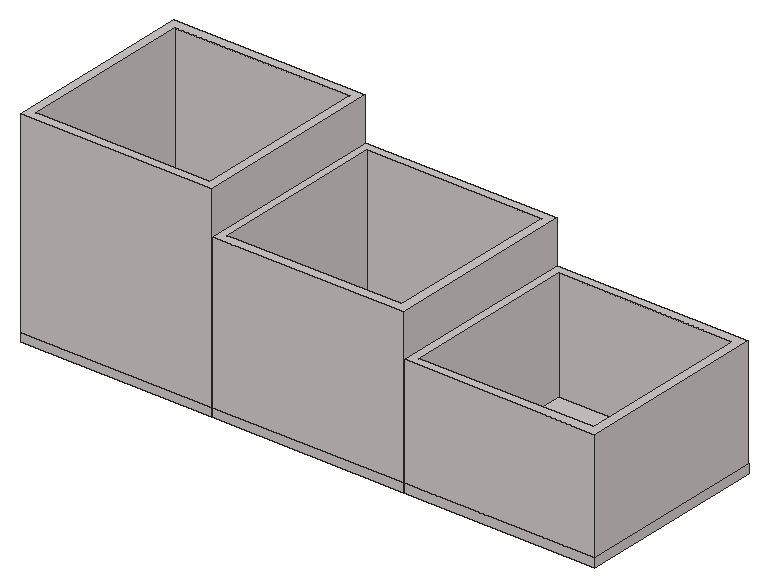
Revit family
Parameters (values of type "1350 x 450 mm")
  Width = 450 mm
  Material = Concrete - Precast
  Length-C = 450 mm
  Length-B = 450 mm
  Length-A = 450 mm
  Height-C = 300 mm
  Height-B = 400 mm
  Height-A = 500 mm
Reference planes
  plane 1 "Center (Front/Back)": y = 0
  plane 2: z = 0
  plane 3 "Center (Left/Right)": x = 0
  plane 4: x = -225
  plane 5: x = -675
  plane 6: x = 225
  plane 7: x = 675
  plane 8: y = 225
  plane 9: y = -225
  plane 10: z = 500
  plane 11: z = 400
  plane 12: z = 300
Forms (mm)
  Extrusion 1, solid, material "Concrete - Precast" <- "Material"
    sketch origin (0, 0, 0) x (1, 0, 0) y (0, 1, 0)
      loop
        line (-600, 150) -> (-600, -150) -> (-300, -150) -> (-300, 150) -> (-600, 150)
    from 0 to 20
  Extrusion 2, solid, material "Concrete - Precast" <- "Material"
    sketch origin (0, 0, 0) x (1, 0, 0) y (0, 1, 0)
      loop
        line (-675, 225) -> (-675, -225) -> (-225, -225) -> (-225, 225) -> (-675, 225)
      loop
        line (-655, 205) -> (-655, -205) -> (-245, -205) -> (-245, 205) -> (-655, 205)
    from 40 to 500
  Extrusion 3, solid, material "Concrete - Precast" <- "Material"
    sketch origin (0, 0, 0) x (1, 0, 0) y (0, 1, 0)
      loop
        line (-675, 225) -> (-675, -225) -> (-225, -225) -> (-225, 225) -> (-675, 225)
    from 20 to 40
  Extrusion 4, solid, material "Concrete - Precast" <- "Material"
    sketch origin (0, 0, 0) x (1, 0, 0) y (0, 1, 0)
      loop
        line (-150, 150) -> (-150, -150) -> (150, -150) -> (150, 150) -> (-150, 150)
    from 0 to 20
  Extrusion 5, solid, material "Concrete - Precast" <- "Material"
    sketch origin (0, 0, 0) x (1, 0, 0) y (0, 1, 0)
      loop
        line (-225, 225) -> (-225, -225) -> (225, -225) -> (225, 225) -> (-225, 225)
    from 20 to 40
  Extrusion 6, solid, material "Concrete - Precast" <- "Material"
    sketch origin (0, 0, 0) x (1, 0, 0) y (0, 1, 0)
      loop
        line (-225, 225) -> (-225, -225) -> (225, -225) -> (225, 225) -> (-225, 225)
      loop
        line (-205, 205) -> (-205, -205) -> (205, -205) -> (205, 205) -> (-205, 205)
    from 40 to 400
  Extrusion 7, solid, material "Concrete - Precast" <- "Material"
    sketch origin (0, 0, 0) x (1, 0, 0) y (0, 1, 0)
      loop
        line (300, 150) -> (300, -150) -> (600, -150) -> (600, 150) -> (300, 150)
    from 0 to 20
  Extrusion 8, solid, material "Concrete - Precast" <- "Material"
    sketch origin (0, 0, 0) x (1, 0, 0) y (0, 1, 0)
      loop
        line (225, 225) -> (225, -225) -> (675, -225) -> (675, 225) -> (225, 225)
    from 20 to 40
  Extrusion 9, solid, material "Concrete - Precast" <- "Material"
    sketch origin (0, 0, 0) x (1, 0, 0) y (0, 1, 0)
      loop
        line (225, 225) -> (225, -225) -> (675, -225) -> (675, 225) -> (225, 225)
      loop
        line (245, 205) -> (245, -205) -> (655, -205) -> (655, 205) -> (245, 205)
    from 40 to 300
Lines and regions (mm)
  symbolic lines
    curve 1: line (-675, 225, 0) -> (-225, 225, 0)
    curve 2: line (-675, -225, 0) -> (-675, 225, 0)
    curve 3: line (-225, -225, 0) -> (-675, -225, 0)
    curve 4: line (-225, 225, 0) -> (-225, -225, 0)
    curve 5: line (-655, 205, 0) -> (-245, 205, 0)
    curve 6: line (-655, -205, 0) -> (-655, 205, 0)
    curve 7: line (-245, -205, 0) -> (-655, -205, 0)
    curve 8: line (-245, 205, 0) -> (-245, -205, 0)
    curve 9: line (-205, 205, 0) -> (205, 205, 0)
    curve 10: line (-205, -205, 0) -> (-205, 205, 0)
    curve 11: line (205, -205, 0) -> (-205, -205, 0)
    curve 12: line (205, 205, 0) -> (205, -205, 0)
    curve 13: line (225, 225, 0) -> (675, 225, 0)
    curve 14: line (225, -225, 0) -> (225, 225, 0)
    curve 15: line (675, -225, 0) -> (225, -225, 0)
    curve 16: line (675, 225, 0) -> (675, -225, 0)
    curve 17: line (245, 205, 0) -> (655, 205, 0)
    curve 18: line (245, -205, 0) -> (245, 205, 0)
    curve 19: line (655, -205, 0) -> (245, -205, 0)
    curve 20: line (655, 205, 0) -> (655, -205, 0)
    curve 21: line (225, 225, 0) -> (-225, 225, 0)
    curve 22: line (-225, -225, 0) -> (225, -225, 0)
Dimensions and locks
  "Height-A": plane 10 to level
  "Height-B": plane 11 to level
  "Height-C": plane 12 to level
  "Length-A": plane 5 to plane 4
  "Length-C": plane 6 to plane 7
  "Length-B": plane 4 to plane 6
  equal spacing: plane 4, plane 3 "Center (Left/Right)", plane 6
  equal spacing: plane 9, plane 1 "Center (Front/Back)", plane 8
  "Width": plane 9 to plane 8
  plane 5 to plane 7 = 1350 mm
  aligned and locked: Extrusion 1 to level
  aligned and locked: plane 5 to Extrusion 2 sketch curve
  aligned and locked: plane 8 to Extrusion 2 sketch curve
  aligned and locked: plane 9 to Extrusion 2 sketch curve
  aligned and locked: Extrusion 2 sketch curve to plane 4
  aligned and locked: Extrusion 3 sketch curve to Extrusion 2  (x3)
  aligned and locked: Extrusion 2 to Extrusion 3 sketch curve
  aligned and locked: Extrusion 3 to Extrusion 1
  aligned and locked: Extrusion 2 to Extrusion 3
  aligned and locked: Extrusion 2 to plane 10
  aligned and locked: Extrusion 4 to level
  aligned and locked: Extrusion 2 to Extrusion 5 sketch curve
  aligned and locked: Extrusion 5 sketch curve to Extrusion 2
  aligned and locked: plane 9 to Extrusion 5 sketch curve
  aligned and locked: Extrusion 5 sketch curve to plane 6
  aligned and locked: Extrusion 3 to Extrusion 5
  aligned and locked: Extrusion 2 to Extrusion 6 sketch curve
  aligned and locked: Extrusion 6 sketch curve to Extrusion 2
  aligned and locked: Extrusion 5 to Extrusion 6 sketch curve
  aligned and locked: Extrusion 6 sketch curve to Extrusion 5
  aligned and locked: Extrusion 2 to Extrusion 6
  aligned and locked: Extrusion 6 to plane 11
  aligned and locked: Extrusion 5 to Extrusion 8 sketch curve
  aligned and locked: Extrusion 8 sketch curve to Extrusion 5
  aligned and locked: plane 9 to Extrusion 8 sketch curve
  aligned and locked: Extrusion 8 sketch curve to plane 7
  aligned and locked: Extrusion 4 to Extrusion 8
  aligned and locked: Extrusion 5 to Extrusion 9 sketch curve
  aligned and locked: Extrusion 9 sketch curve to Extrusion 8  (x2)
  aligned and locked: Extrusion 8 to Extrusion 9 sketch curve
  aligned and locked: Extrusion 9 to plane 12
  aligned and locked: Extrusion 2 to Extrusion 9
Automatic sketch dimensions
  plane 5 to Extrusion 1 sketch curve = 75 mm
  Extrusion 1 sketch curve to plane 4 = 75 mm
  Extrusion 1 sketch curve to plane 9 = 75 mm
  plane 8 to Extrusion 1 sketch curve = 75 mm
  plane 5 to Extrusion 2 sketch curve = 20 mm
  Extrusion 2 sketch curve to plane 4 = 20 mm
  Extrusion 2 sketch curve to plane 9 = 20 mm
  plane 8 to Extrusion 2 sketch curve = 20 mm
  plane 4 to Extrusion 4 sketch curve = 75 mm
  Extrusion 4 sketch curve to plane 6 = 75 mm
  Extrusion 4 sketch curve to plane 9 = 75 mm
  plane 8 to Extrusion 4 sketch curve = 75 mm
  plane 4 to Extrusion 6 sketch curve = 20 mm
  Extrusion 6 sketch curve to plane 6 = 20 mm
  Extrusion 6 sketch curve to plane 9 = 20 mm
  plane 8 to Extrusion 6 sketch curve = 20 mm
  plane 6 to Extrusion 7 sketch curve = 75 mm
  Extrusion 7 sketch curve to plane 7 = 75 mm
  Extrusion 7 sketch curve to plane 9 = 75 mm
  plane 8 to Extrusion 7 sketch curve = 75 mm
  plane 6 to Extrusion 9 sketch curve = 20 mm
  Extrusion 9 sketch curve to plane 7 = 20 mm
  Extrusion 9 sketch curve to plane 9 = 20 mm
  plane 8 to Extrusion 9 sketch curve = 20 mm
  curve 1 to plane 5 = 0 mm
  curve 22 to plane 4 = 0 mm
  curve 22 to plane 6 = 0 mm
  curve 13 to plane 7 = 0 mm
  curve 22 to plane 9 = 0 mm
  curve 13 to plane 8 = 0 mm
  plane 5 to curve 7 = 20 mm
  curve 7 to plane 4 = 20 mm
  plane 4 to curve 10 = 20 mm
  curve 12 to plane 6 = 20 mm
  plane 6 to curve 17 = 20 mm
  curve 19 to plane 7 = 20 mm
  curve 6 to plane 9 = 20 mm
  curve 20 to plane 9 = 20 mm
  curve 11 to plane 9 = 20 mm
  plane 8 to curve 5 = 20 mm
  plane 8 to curve 10 = 20 mm
  plane 8 to curve 18 = 20 mm
